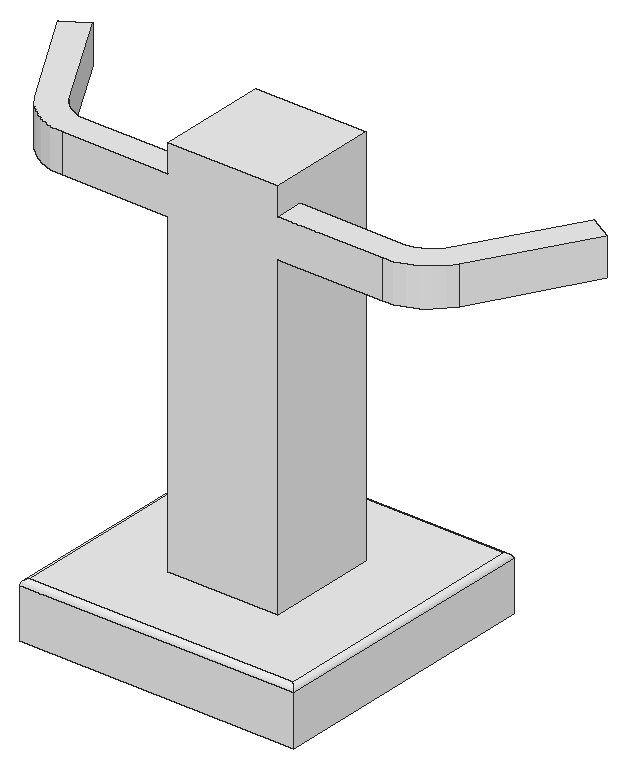
Revit family "Incepa_Acessorios_Neoclassic_Cabide  Duplo_B8001C8CR0", category Plumbing Fixtures, host Face, Revit 2014
Parameters (values of type "Cabide Duplo")
  Waste Connection = no
  WFU = 0
  Vent Connection = no
  URL = "http://www.incepa.com.br"
  Type Comments = ""
  Selo de Qualidade ofcdesk = "Standard"
  Model = "B8001I2CR0"
  Metais [instance] = Celite - Cromado
  Manufacturer = "Incepa"
  Keynote = ""
  Incepa: Versão = "Autodesk Revit MEP 2014"
  Incepa: Tipo = "Cabides"
  Incepa: Produto = "Metais"
  Incepa: Norma [instance] = "ABNT NBR 10282: 2003"
  Incepa: Linha = "Neoclassic"
  Incepa: Informações Técnicas = "N/A"
  Incepa: Informações Gerais = "N/A"
  Incepa: Fabricante = "Incepa"
  Incepa: Descrição = "Cabide duplo Neoclassic (B8001I2CR0), Acessórios - Metais Incepa"
  Incepa: Código = "B8001I2CR0"
  Incepa: Cores Disponíveis = "Cromado"
  Incepa: Copyright © = "© 2014 Incepa"
  Incepa: Categoria = "Acessórios"
  Incepa: Altura da Peça [instance] = 0 mm
  HWFU = 0
  HW Connection = no
  Desenvolvido por = "ofcdesk"
  Description = "Cabide duplo Neoclassic (B8001I2CR0), Acessórios - Metais Incepa"
  Default Elevation = 1400 mm
  Cost = 0
  CWFU = 0
  CW Connection = no
  Assembly Code = "D2010"
Reference planes
  plane 1 "Center (Front/Back)": y = 0
  plane 2: z = 0
  plane 3 "Center (Left/Right)": x = 0
Forms (mm)
  Extrusion 1, solid, material "Celite - Cromado" <- "Metais"
    sketch origin (0, 0, 0) x (1, 0, 0) y (0, 1, 0)
      loop
        line (-10, 10) -> (-10, -10) -> (10, -10) -> (10, 10) -> (-10, 10)
    from 0 to 80
  Extrusion 2, solid, material "Celite - Cromado" <- "Metais"
    sketch origin (0, 0, 0) x (1, 0, 0) y (0, 1, 0)
      loop
        line (-29.215, -10) -> (29.215, -10)
        arc (29.215, -10) -> (34.715, -8.526) -> (38.742, -4.5) r 11
        line (38.742, -4.5) -> (50, 15) -> (45.67, 17.5) -> (34.412, -2)
        arc (34.412, -2) -> (32.215, -4.196) -> (29.215, -5) r 6
        line (29.215, -5) -> (-29.215, -5)
        arc (-29.215, -5) -> (-32.215, -4.196) -> (-34.412, -2) r 6
        line (-34.412, -2) -> (-45.67, 17.5) -> (-50, 15) -> (-38.742, -4.5)
        arc (-38.742, -4.5) -> (-34.715, -8.526) -> (-29.215, -10) r 11
    from 68 to 75
  Sweep 3, solid, material "Celite - Cromado" <- "Metais"
    path origin (0, 0, 0) x (1, 0, 0) y (0, 1, 0)
      loop
        line (-25, 25) -> (-25, -25) -> (25, -25) -> (25, 25) -> (-25, 25)
    profile origin (0, 25, 0) x (0, -1, 0) y (0, 0, 1)
      loop
        line (0, 0) -> (15, 0) -> (15, 10) -> (1, 10)
        arc (1, 10) -> (0.293, 9.707) -> (0, 9) r 1
        line (0, 9) -> (0, 0)
Cuts and joins
  joined: Extrusion 1, Extrusion 2, Sweep 3
Dimensions and locks
  aligned and locked: plane 2 to host face
  aligned and locked: level to host face
